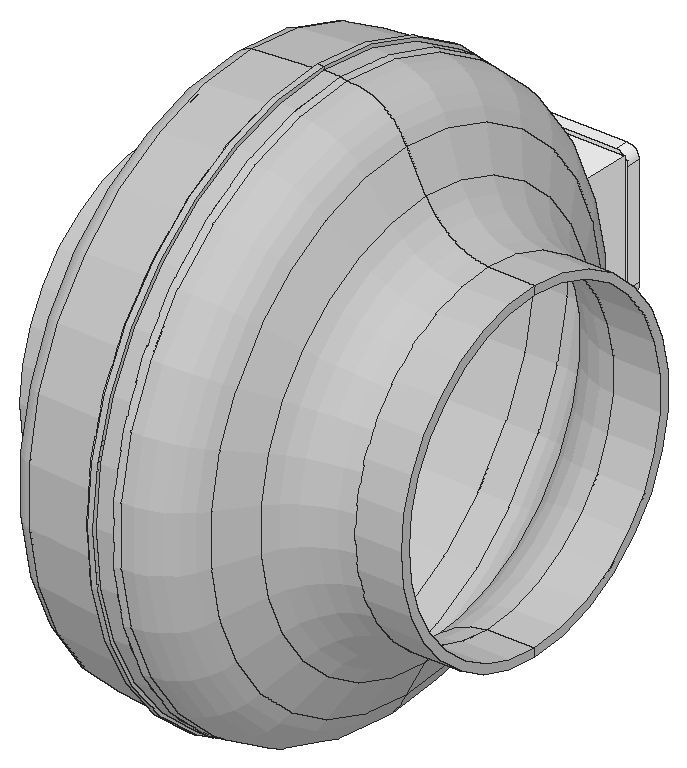
Revit family "CK 200 A AC_7000053", category Mechanical Equipment, Revit 2014
Parameters (values of type "CK 200 A AC")
  Wiring diagram = "4040001"
  Weight = 4.20 kg
  Voltage range = "220-240 / 50/60 V/Hz"
  Voltage = 230 V
  Speed = "2630 rpm"
  Sound pressure level at 3 m = "45 dB(A)"
  Power = 129 W
  Phase = 1
  Max. temperature of transported air when speed controlled = 60 °C
  Max. temperature of transported air = 60 °C
  Main Material = Steel, Galvanized
  Frequency = 50 Hz
  Elevation [instance] = 2772.5 mm
  Diameter = 199 mm
  Current = 0.57 A
  Capacitor = "4 μF"
Reference planes
  plane 1 "Center (Front/Back)": y = 0
  plane 2: z = 0
  plane 3 "Center (Left/Right)": x = 0
  plane 4: z = 2772.5
Dimensions and locks
  "Elevation": plane 4 to plane 2
  aligned and locked: level to plane 2
  aligned and locked: plane 3 "Center (Left/Right)" to nested 1
  aligned and locked: plane 1 "Center (Front/Back)" to nested 1
  aligned and locked: nested 1 to plane 4
  aligned and locked: plane 1 "Center (Front/Back)" to nested 2
  aligned and locked: plane 3 "Center (Left/Right)" to nested 2
Nested families
  nested 1: "CK 200 A AC_CK 200 B ErP AC_CK 200 A EC_CK 200 B EC_geometry" at (0, 0, 2600), type "CK 200 A AC_CK 200 B ErP AC_CK 200 A EC_CK 200 B EC_geometry"
  nested 2: "Flow direction symbol" at (0, 0, 0), type "Flow direction symbol"
Connectors
  hvac at (-114, 0, 2772.5), driven by "Diameter"
    settings: on nested 1, index 1, duct flow 0.0 L/s, flow factor 0, pres drop 0.0 Pa, loss coef 0, conn angle 0.00°, conn width 304.8 mm, conn height 304.8 mm, conn diameter 199 mm, duct sys type 1, conn prof type 0, flow config 0, flow direction 1, loss method 0, conn ref index -1, conn util no, is conn primary yes, conn desc ""
  hvac at (114, 0, 2772.5), driven by "Diameter"
    settings: on nested 1, index 2, duct flow 0.0 L/s, flow factor 0, pres drop 0.0 Pa, loss coef 0, conn angle 0.00°, conn width 304.8 mm, conn height 304.8 mm, conn diameter 199 mm, duct sys type 3, conn prof type 0, flow config 0, flow direction 2, loss method 0, conn ref index -1, conn util no, is conn primary no, conn desc ""
  electrical at (-41.002, 213.31, 2773.759), driven by "Phase", driven by "Voltage"
    settings: on nested 1, index 3, voltage 230 V, apparent load 0 VA, apparent load phase1 0 VA, apparent load phase2 0 VA, apparent load phase3 0 VA, power factor 1, load classification "Other", number of poles 1, system type 31, power factor state 1, is connector primary yes, connector utility no, sub classification motor no, connector description ""
Definition of nested family "CK 200 A AC_CK 200 B ErP AC_CK 200 A EC_CK 200 B EC_geometry"
  Parameters (values of type "CK 200 A AC_CK 200 B ErP AC_CK 200 A EC_CK 200 B EC_geometry")
    Main Material = Steel, Galvanized
  Reference planes
    plane 1 "Center (Front/Back)": y = 0
    plane 2: z = 0
    plane 3 "Center (Left/Right)": x = 0
    plane 4: z = 172.5
    plane 5: y = 213.31
    plane 6: y = 172.5
    plane 7: y = -172.5
    plane 8: x = -114
    plane 9: x = 114
    plane 10: z = 345
  Forms (mm)
    Revolve 1, solid, material "Steel, Galvanized" <- "Main Material", detail levels coarse
      sketch origin (0, 0, 0) x (1, 0, 0) y (0, 0, 1)
        loop
          line (-114, 172.5) -> (-114, 73) -> (-84, 73)
          arc (-84, 73) -> (-80.275, 71.617) -> (-78.355, 68.138) r 5.708
          line (-78.355, 68.138) -> (-69.37, 21.916)
          arc (-69.37, 21.916) -> (-64.559, 12.07) -> (-55.46, 5.963) r 21.11
          arc (-55.46, 5.963) -> (-35.501, 2.961) -> (-15.481, 0.401) r 915.775
          arc (-15.481, 0.401) -> (-8.934, 0.051) -> (-2.396, 0.525) r 52.168
          arc (-2.396, 0.525) -> (11.553, 3.79) -> (24.64, 9.619) r 75.85
          arc (24.64, 9.619) -> (30.539, 14.005) -> (35.163, 19.721) r 29.321
          arc (35.163, 19.721) -> (41.654, 31.255) -> (47.159, 43.292) r 158.269
          arc (47.159, 43.292) -> (62.566, 63.44) -> (86.059, 73) r 48.289
          line (86.059, 73) -> (114, 73) -> (114, 172.5) -> (-114, 172.5)
        axis (-114, 172.5) -> (114, 172.5)
      angle from 0 to 360
    Extrusion 2, solid, material "Plastic", detail levels medium+fine
      sketch origin (2.5, 53.648, 51.25) x (1, 0, 0) y (0, 0, 1)
        loop
          line (-4.004, 163.259) -> (-83, 163.259)
          arc (-83, 163.259) -> (-87.95, 161.209) -> (-90, 156.259) r 7
          line (-90, 156.259) -> (-90, 90.259)
          arc (-90, 90.259) -> (-87.071, 83.188) -> (-80, 80.259) r 10
          line (-80, 80.259) -> (-7.004, 80.259)
          arc (-7.004, 80.259) -> (0.067, 83.188) -> (2.996, 90.259) r 10
          line (2.996, 90.259) -> (2.996, 156.259)
          arc (2.996, 156.259) -> (0.945, 161.209) -> (-4.004, 163.259) r 7
      from -159.662 to -151.628
    Extrusion 3, solid, material "Plastic", detail levels medium+fine
      sketch origin (2.5, 53.648, 51.25) x (0, 1, 0) y (0, 0, 1)
        loop
          line (118.852, 161.259) -> (118.852, 81.741) -> (151.628, 81.741) -> (151.628, 161.259) -> (118.852, 161.259)
      from -88 to 1
    Revolve 4, solid, material "Steel, Galvanized" <- "Main Material", detail levels medium+fine
      sketch origin (0, 0, 0) x (1, 0, 0) y (0, 0, 1)
        loop
          line (114, 172.5) -> (-114, 172.5) -> (-114, 73) -> (-85.704, 73)
          arc (-85.704, 73) -> (-80.507, 70.847) -> (-78.355, 65.65) r 7.35
          line (-78.355, 65.65) -> (-71.444, 30.098)
          arc (-71.444, 30.098) -> (-69.975, 23.62) -> (-68.107, 17.245) r 107.063
          arc (-68.107, 17.245) -> (-63.303, 9.901) -> (-55.46, 5.963) r 16.87
          line (-55.46, 5.963) -> (-17.973, 2.683) -> (-15.481, 2.683) -> (-15.481, 0) -> (-11.992, 0) -> (-11.992, 1.821) -> (-1.992, 1.821) -> (1.763, 2.827)
          arc (1.763, 2.827) -> (23.138, 8.85) -> (37.335, 25.928) r 37.415
          line (37.335, 25.928) -> (49.071, 48.002)
          arc (49.071, 48.002) -> (64.455, 65.103) -> (86.059, 73) r 47.629
          line (86.059, 73) -> (114, 73) -> (114, 172.5)
        axis (114, 172.5) -> (-114, 172.5)
      angle from 0 to 360
    Revolve 5, void
      sketch origin (0, 0, 0) x (1, 0, 0) y (0, 0, 1)
        loop
          line (114, 172.5) -> (-114, 172.5) -> (-114, 78) -> (-85.704, 78)
          arc (-85.704, 78) -> (-77.166, 74.573) -> (-73.367, 66.193) r 12.35
          line (-73.367, 66.193) -> (-66.536, 31.052)
          arc (-66.536, 31.052) -> (-65.135, 24.877) -> (-63.355, 18.8) r 102.063
          arc (-63.355, 18.8) -> (-60.072, 13.72) -> (-54.712, 10.917) r 11.87
          line (-54.712, 10.917) -> (-17.537, 7.664) -> (1.896, 7.826)
          arc (1.896, 7.826) -> (20.513, 13.107) -> (32.802, 28.055) r 32.415
          line (32.802, 28.055) -> (44.657, 50.349)
          arc (44.657, 50.349) -> (61.769, 69.322) -> (85.799, 78) r 52.629
          line (85.799, 78) -> (114, 78) -> (114, 172.5)
        axis (114, 172.5) -> (-114, 172.5)
      angle from 0 to 360
  Cuts and joins
    Revolve 5 cuts Revolve 4
  Dimensions and locks
    aligned and locked: level to plane 2
Definition of nested family "Flow direction symbol"
  Parameters (values of type "Flow direction symbol")
    Warning = "!"
    Text = "DIMENSIONS OVERCONSTRAINT"
  Reference planes
    plane 1: y = 0
    plane 2: x = 0
  Lines and regions (mm)
    detail lines
      curve 1: line (-0.506, 0.877, 0) -> (-0.506, -0.877, 0)
      curve 2: line (1.012, 0, 0) -> (-0.506, -0.877, 0)
      curve 3: line (-0.506, 0.877, 0) -> (1.012, 0, 0)
      curve 4: circle (0, 0, 0) r 1 normal (0, 0, 1)
